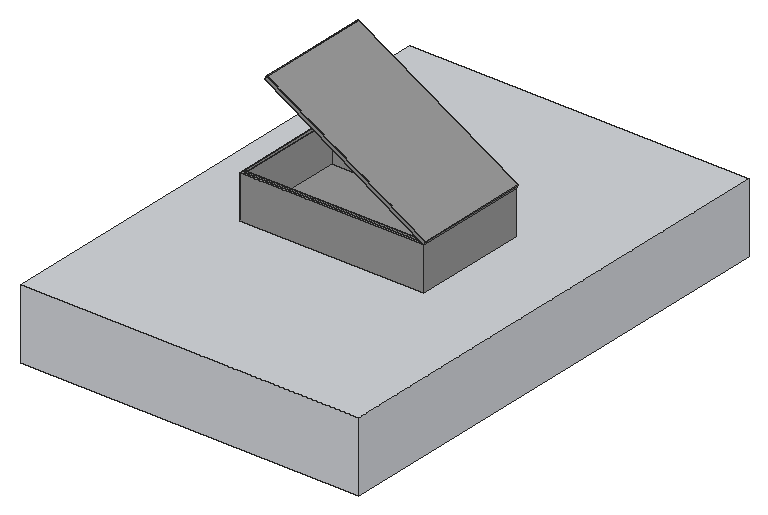
Revit family "Hager-Univers-IP54-D205-H500-Cl.I-Encl-AT-de", category Equipement électrique, Revit 2020
Family settings
  Hôte = Face
  Configuration du panneau = Deux colonnes, circuits au sein
  Cote de connecteur circulaire = Utiliser le diamètre
  Type d'élément = Tableau de raccordement
  Couper avec des vides une fois chargée = Non
  Partagée = Non
  Point de calcul de pièce = Non
Parameters (values of type "Aufputz IP54 B800 H500 T205  - FP33TW2")
  Width Control [instance] = if([EF000008 - Breite] > Min Width, [EF000008 - Breite], Min Width)  # 800 mm
  Commentaires du type = [HG000003 - Bereich]  # "Univers"
  Thickness Door [instance] = if([EF009171 - Materialstärke Tür/Deckel] > 3 mm, 3 mm, [EF009171 - Materialstärke Tür/Deckel])  # 1 mm
  Seal Frame Offset [instance] = 17 mm  # constant formula
  Plinth Visibility [instance] = [HG000027 - Sockelhöhe] > 0 mm  # no
  Model = ""
  Min Width [instance] = 100 mm  # constant formula
  Min Height [instance] = 100 mm  # constant formula
  Min Depth [instance] = (2 * [EF009170 - Materialstärke Gehäuse]) + 1 mm  # 3 mm
  Internal Frame Depth [instance] = (Door System Depth * 0.5)  # 9 mm
  Height Control [instance] = if([EF000040 - Höhe] > Min Height, [EF000040 - Höhe], Min Height)  # 500 mm
  HG000027 - Sockelhöhe = 0 mm
  HG000026 - Stehend auf dem Boden = no
  HG000024 - Höhe des unteren Teils = 800 mm
  HG000023 - Gehäuse mit doppeltem Querschnitt = no
  HG000016 - 3D-Türsichtbarkeit [instance] = yes
  HG000015 - Sichtbarkeit der Türöffnung [instance] = no
  HG000014 - Tür rechts [instance] = yes
  HG000013 - Tür links [instance] = not([HG000014 - Tür rechts])  # no
  HG000012 - Türschwenkwinkel [instance] = 30.00°
  HG000010 - Asymmetrische Türen = no
  HG000009 - Doppelflügeligen Tür = no
  HG000006 - Unterputz = no
  HG000004 - Herstellerreferenz = "FP33TW2"
  HG000003 - Bereich = "Univers"
  HG000002 - Mit tür = yes
  Frame Offset Bottom [instance] = 10 mm  # constant formula
  Frame Offset [instance] = 15 mm  # constant formula
  EF015940 - Deckel mit Überdruckentlastung = no
  EF011959 - Schutzart (NEMA) = ""
  EF009554 - Anzahl der Öffnungen für Flanschplatten = 6
  Fabricant = "Hager"  # constant formula
  EF009212 - Ausführung Deckel = "EV000116 - geschlossen"
  EF009171 - Materialstärke Tür/Deckel = 1 mm
  EF009170 - Materialstärke Gehäuse = 1 mm
  EF008873 - Nennstrom (In) = 250 A
  EF007800 - Geeignet für Blitzschutz = no
  EF006306 - Mit Schloss = no
  EF006244 - Transparenter Deckel/Tür = no
  EF005474 - Schutzart (IP) = "EV006419 - IP54"
  EF004464 - Art der Tür = "EV002646 - Einzel"
  EF004427 - Anzahl der Module = 108
  EF004293 - Schlagfestigkeit = "EV006815 - IK09"
  EF003532 - Geeignet für Außengebrauch = no
  EF002950 - Breite in Teilungseinheiten = 36
  EF001613 - Funktionserhalt = "EV000494 - ohne"
  EF001596 - Werkstoff des Gehäuses = "EV000179 - Stahl"
  EF001131 - Innentiefe = 205 mm
  EF001088 - Anbaumöglichkeit = yes
  EF000437 - Anzahl der Leitungseinführungen = 6
  EF000339 - Art der Abdeckung = "EV001012 - Deckel"
  EF000266 - Anzahl der Reihen = 3
  EF000218 - Einbautiefe = 205 mm
  EF000118 - Mit Montageplatte = no
  EF000116 - RAL-Nummer = "9010"
  EF000049 - Tiefe = 205 mm
  EF000040 - Höhe = 500 mm
  EF000008 - Breite = 800 mm
  EF000007 - Farbe = "EV000202 - weiß"
  EF000003 - Montageart = "EV000384 - Aufputz"
  Door System Leaf Tolerance [instance] = 1.5 mm  # constant formula
  Door System Depth [instance] = 18 mm  # constant formula
  Door Height [instance] = Height Control - [HG000027 - Sockelhöhe]  # 500 mm
  Depth Control [instance] = if([EF000049 - Tiefe] > Min Depth, [EF000049 - Tiefe], Min Depth)  # 205 mm
  Default Elevation = 0 mm
  Connector Offset [instance] = Height Control / 2  # 250 mm
  Bottom Top Plate Trim [instance] = 1.5 mm  # constant formula
  Plinth height Ctrl [instance] = if([HG000027 - Sockelhöhe] > 0 mm, [HG000027 - Sockelhöhe], 12 mm)  # 12 mm
Types (4, lengths in mm): name | Width Control | HG000004 - Herstellerreferenz | EF009554 - Anzahl der Öffnungen für Flanschplatten | EF004464 - Art der Tür | EF004427 - Anzahl der Module | EF002950 - Breite in Teilungseinheiten | EF000437 - Anzahl der Leitungseinführungen | EF000008 - Breite
  Aufputz IP54 B1050 H500 T205  - FP34TW2 | 1050 | "FP34TW2" | 8 | "EV003602 - Doppel" | 144 | 48 | 8 | 1050
  Aufputz IP54 B300 H500 T205  - FP31TW2 | 300 | "FP31TW2" | 2 | "EV002646 - Einzel" | 36 | 12 | 2 | 300
  Aufputz IP54 B550 H500 T205  - FP32TW2 | 550 | "FP32TW2" | 4 | "EV002646 - Einzel" | 72 | 24 | 4 | 550
  Aufputz IP54 B800 H500 T205  - FP33TW2 | 800 | "FP33TW2" | 6 | "EV002646 - Einzel" | 108 | 36 | 6 | 800
Reference planes
  plane 1 "Center (Front/Back)": y = 0
  plane 2: z = 0
  plane 3 "Center (Left/Right)": x = 0
  plane 4: z = 205
  plane 5: y = 1
  plane 6: y = 250
  plane 7: y = 0
  plane 8: y = 500
  plane 9: z = 0
  plane 10: x = -385
  plane 11: x = 385
  plane 12: x = 384
  plane 13: x = -384
  plane 14: y = 499
  plane 15: x = -383
  plane 16: x = -400
  plane 17: x = 383
  plane 18: x = 400
  plane 19: x = 399
  plane 20: x = -399
  plane 21: y = 11
  plane 22: y = 500
  plane 23: y = 484
  plane 24: z = 187
  plane 25: z = 1
  plane 26: z = 186
  plane 27: z = 204
Forms (mm)
  Extrusion 1, solid
    sketch origin (0, 0, 0) x (1, 0, 0) y (0, 1, 0)
      loop
        line (-702.964, 1305) -> (-702.964, -811.445) -> (766.763, -811.445) -> (766.763, 1305) -> (-702.964, 1305)
    from 0 to -304.8
  Extrusion 2, solid, material "Hager_Steel_RAL7035_Light_Grey", visible <- "Plinth Visibility", detail levels medium+fine
    sketch origin (0, 0, 0) x (1, 0, 0) y (0, 1, 0)
      loop
        line (-400, 0) -> (400, 0) -> (400, 12) -> (-400, 12) -> (-400, 0)
    from 0 to 187
  Extrusion 3, solid, material "Hager_Steel_RAL7035_Light_Grey", detail levels medium+fine
    sketch origin (0, 0, 0) x (1, 0, 0) y (0, 1, 0)
      loop
        line (-400, 0) -> (400, 0) -> (400, 500) -> (-400, 500) -> (-400, 0)
    from 0 to 187
  Extrusion 4, void
    sketch origin (0, 0, 0) x (1, 0, 0) y (0, 1, 0)
      loop
        line (-399, 1) -> (399, 1) -> (399, 499) -> (-399, 499) -> (-399, 1)
    from 1 to 186
  Extrusion 5, void
    sketch origin (-381.607, -4572, 187) x (0, -1, 0) y (-1, 0, 0)
      loop
        line (-4583, 2.393) -> (-5056, 2.393) -> (-5056, -765.607) -> (-4583, -765.607) -> (-4583, 2.393)
    from 0 to 1 <- "EF009170 - Materialstärke Gehäuse"
  Extrusion 6, solid, material "Hager_Steel_RAL7035_Light_Grey", detail levels fine
    sketch origin (0, 0, 187) x (1, 0, 0) y (0, 1, 0)
      loop
        line (-384, 484) -> (-384, 11) -> (384, 11) -> (384, 484) -> (-384, 484)
      loop
        line (-385, 10) -> (385, 10) -> (385, 485) -> (-385, 485) -> (-385, 10)
    from 0 to 9 <- "Internal Frame Depth"
  Extrusion 7, solid, material "Hager_Steel_RAL7035_Light_Grey", detail levels coarse
    sketch origin (0, 0, 0) x (1, 0, 0) y (0, 1, 0)
      loop
        line (-400, 0) -> (400, 0) -> (400, 500) -> (-400, 500) -> (-400, 0)
    from 0 to 205
  Sweep 8, void
    path in 3D
      loop
        line (-400, 12, 0) -> (400, 12, 0) -> (400, 12, 187) -> (-400, 12, 187) -> (-400, 12, 0)
    profile origin (-400, 12, 93.5) x (-1, 0, 0) y (0, -1, 0)
      loop
        line (0, 0) -> (0, 1.5) -> (-1.5, 1.5)
        arc (-1.5, 1.5) -> (-1.061, 0.439) -> (0, 0) r 1.5
Cuts and joins
  Extrusion 4, Extrusion 5 cuts Extrusion 3
  Sweep 8 cuts Extrusion 2
Lines and regions (mm)
  Masking region 1
    outline origin (0, 0, 0) x (1, 0, 0) y (0, 0, 1)
      loop
        line (-400, 205) -> (-400, 0) -> (400, 0) -> (400, 205) -> (-400, 205)
  Masking region 2, detail levels medium+fine
    outline origin (0, 140, 0) x (0, 1, 0) y (0, 0, 1)
      loop
        line (-140, 0) -> (360, 0) -> (360, 187) -> (-140, 187) -> (-140, 0)
  Masking region 3, not visible, detail levels medium+fine
    outline origin (0, 297.922, 0) x (0, 1, 0) y (0, 0, 1)
      loop
        line (-36.422, 0) -> (3.578, 0) -> (3.578, 194)
        arc (3.578, 194) -> (0.649, 201.071) -> (-6.422, 204) r 10
        line (-6.422, 204) -> (-36.422, 204) -> (-36.422, 0)
  Masking region 4, detail levels coarse
    outline origin (0, 0, 180) x (0, 1, 0) y (0, 0, 1)
      loop
        line (0, -180) -> (500, -180) -> (500, 25) -> (0, 25) -> (0, -180)
  Masking region 5, visible <- "Plinth Visibility", detail levels medium+fine
    outline origin (0, 52.24, 12.345) x (0, 0, -1) y (0, 1, 0)
      loop
        line (10.845, -40.24) -> (-173.155, -40.24)
        arc (-173.155, -40.24) -> (-173.594, -41.301) -> (-174.655, -41.74) r 1.5
        line (-174.655, -41.74) -> (-174.655, -52.24) -> (12.345, -52.24) -> (12.345, -41.74)
        arc (12.345, -41.74) -> (11.285, -41.301) -> (10.845, -40.24) r 1.5
  Masking region 6, detail levels medium+fine
    outline origin (-381.607, -4572, 187) x (-1, 0, 0) y (0, -1, 0)
      loop
        line (18.393, -5072) -> (18.393, -4572) -> (-781.607, -4572) -> (-781.607, -5072) -> (18.393, -5072)
  Masking region 7, visible <- "Plinth Visibility", detail levels medium+fine
    outline origin (-381.607, -4727, 187) x (-1, 0, 0) y (0, -1, 0)
      loop
        arc (16.893, -4739) -> (17.332, -4737.939) -> (18.393, -4737.5) r 1.5
        line (18.393, -4737.5) -> (18.393, -4727) -> (-781.607, -4727) -> (-781.607, -4737.5)
        arc (-781.607, -4737.5) -> (-780.546, -4737.939) -> (-780.107, -4739) r 1.5
        line (-780.107, -4739) -> (16.893, -4739)
  Masking region 8, detail levels coarse
    outline origin (-442.548, -4669.526, 187) x (-1, 0, 0) y (0, -1, 0)
      loop
        line (-42.548, -5169.526) -> (-42.548, -4669.526) -> (-842.548, -4669.526) -> (-842.548, -5169.526) -> (-42.548, -5169.526)
  sketch lines
    curve 1: line (-400, 12, 187) -> (-400, 12, 0)
    curve 2: line (400, 12, 187) -> (-400, 12, 187)
    curve 3: line (400, 12, 187) -> (400, 12, 0)
    curve 4: line (-400, 12, 0) -> (400, 12, 0)
Dimensions and locks
  "Depth Control": plane 4 to Extrusion 1
  "HG000027 - Sockelhöhe": plane 1 "Center (Front/Back)" to plane 7
  "EF009170 - Materialstärke Gehäuse": plane 5 to plane 7
  locked: connector elem to plane 3 "Center (Left/Right)"
  equal spacing: plane 8, plane 6, plane 7
  locked: connector elem to plane 6
  "EF009170 - Materialstärke Gehäuse": plane 8 to plane 14
  "EF009170 - Materialstärke Gehäuse": plane 10 to plane 13
  "EF009170 - Materialstärke Gehäuse": plane 12 to plane 11
  "Frame Offset": plane 20 to plane 13
  "Frame Offset": plane 12 to plane 19
  "EF009170 - Materialstärke Gehäuse": plane 16 to plane 20
  "EF009170 - Materialstärke Gehäuse": plane 19 to plane 18
  "Seal Frame Offset": plane 16 to plane 15
  "Seal Frame Offset": plane 17 to plane 18
  "Frame Offset Bottom": plane 21 to plane 5
  "Frame Offset": plane 14 to plane 23
  equal spacing: plane 16, plane 3 "Center (Left/Right)", plane 18
  "Width Control": plane 16 to plane 18
  "EF009170 - Materialstärke Gehäuse": plane 4 to plane 27
  "EF009170 - Materialstärke Gehäuse": plane 24 to plane 26
  "EF009170 - Materialstärke Gehäuse": plane 25 to level
  "Door System Depth": plane 4 to plane 24
  "Height Control": plane 1 "Center (Front/Back)" to Extrusion 7 sketch curve
  "Height Control": Masking region 4 sketch curve to plane 1 "Center (Front/Back)"
  "Height Control": plane 1 "Center (Front/Back)" to plane 22
  "Bottom Top Plate Trim": profile plane to Sweep 8 sketch curve
  "Bottom Top Plate Trim": Sweep 8 sketch curve to profile plane
  "Plinth height Ctrl": plane 1 "Center (Front/Back)" to Extrusion 2 sketch curve
  "Plinth height Ctrl": Masking region 5 sketch curve to plane 1 "Center (Front/Back)"
  "Plinth height Ctrl": plane 1 "Center (Front/Back)" to Masking region 7 sketch curve
  "Thickness Door": Extrusion 6 sketch curve to Extrusion 6 sketch curve  (x3)
  "Thickness Door": cut or joined group of Extrusion 3, Extrusion 4, Extrusion 5 to Extrusion 6 sketch curve
  radius of Masking region 3 sketch curve = 10 mm
  "Bottom Top Plate Trim": radius of Masking region 5 sketch curve  (x2)
  "Bottom Top Plate Trim": radius of Sweep 8 sketch curve
  "Bottom Top Plate Trim": radius of Masking region 7 sketch curve  (x2)
  aligned and locked: plane 2 to Extrusion 1
  aligned and locked: level to Extrusion 1
  aligned and locked: level to Masking region 1 sketch curve
  aligned and locked: Masking region 1 sketch curve to plane 18
  aligned and locked: Masking region 1 sketch curve to plane 16
  aligned and locked: plane 7 to Masking region 2 sketch curve
  aligned and locked: level to Masking region 3 sketch curve
  aligned and locked: Masking region 3 sketch curve to plane 27
  aligned and locked: level to Masking region 2 sketch curve
  aligned and locked: plane 1 "Center (Front/Back)" to Extrusion 2 sketch curve
  aligned and locked: Extrusion 3 sketch curve to plane 7
  aligned and locked: plane 16 to Extrusion 3 sketch curve
  aligned and locked: plane 18 to Extrusion 3 sketch curve
  aligned and locked: plane 20 to Extrusion 4 sketch curve
  aligned and locked: plane 19 to Extrusion 4 sketch curve
  aligned and locked: Extrusion 4 sketch curve to plane 5
  aligned and locked: Extrusion 4 to plane 25
  aligned and locked: plane 26 to Extrusion 4
  aligned and locked: plane 24 to Extrusion 3
  aligned and locked: Extrusion 5 sketch curve to plane 21
  aligned and locked: Extrusion 5 sketch curve to plane 13
  aligned and locked: Extrusion 5 sketch curve to plane 12
  aligned and locked: plane 18 to Extrusion 7 sketch curve
  aligned and locked: plane 1 "Center (Front/Back)" to Extrusion 7 sketch curve
  aligned and locked: plane 16 to Extrusion 7 sketch curve
  aligned and locked: plane 4 to Extrusion 7
  aligned and locked: Extrusion 7 to level
  aligned and locked: level to Masking region 4 sketch curve
  aligned and locked: Masking region 4 sketch curve to plane 1 "Center (Front/Back)"
  aligned and locked: Masking region 4 sketch curve to plane 4
  aligned and locked: nested 1 to level
  aligned and locked: nested 1 to plane 16
  aligned and locked: plane 8 to Extrusion 3 sketch curve
  aligned and locked: plane 23 to Extrusion 5 sketch curve
  aligned and locked: plane 14 to Extrusion 4 sketch curve
  aligned and locked: Masking region 2 sketch curve to plane 8
  aligned and locked: level to Masking region 5 sketch curve
  aligned and locked: plane 16 to Extrusion 2 sketch curve
  aligned and locked: plane 18 to Extrusion 2 sketch curve
  aligned and locked: Masking region 5 sketch curve to plane 24
  aligned and locked: Masking region 2 sketch curve to plane 24
  aligned and locked: plane 24 to Extrusion 2
  aligned and locked: profile plane to Sweep 8 sketch curve  (x2)
  aligned and locked: Masking region 6 sketch curve to plane 18
  aligned and locked: Masking region 6 sketch curve to plane 22
  aligned and locked: Masking region 6 sketch curve to plane 16
  aligned and locked: plane 8 to plane 22
  aligned and locked: Masking region 6 sketch curve to plane 7
  aligned and locked: Masking region 7 sketch curve to plane 16
  aligned and locked: Masking region 7 sketch curve to plane 1 "Center (Front/Back)"
  aligned and locked: Masking region 7 sketch curve to plane 18
  aligned and locked: Masking region 8 sketch curve to plane 1 "Center (Front/Back)"
  aligned and locked: Masking region 8 sketch curve to plane 18
  aligned and locked: Masking region 8 sketch curve to plane 22
  aligned and locked: Masking region 8 sketch curve to plane 16
  aligned and locked: nested 2 to plane 7
  aligned and locked: plane 3 "Center (Left/Right)" to nested 2
  aligned and locked: nested 2 to plane 24
  aligned and locked: Extrusion 6 sketch curve to cut or joined group of Extrusion 3, Extrusion 4, Extrusion 5  (x4)
Automatic sketch dimensions
  Extrusion 1 sketch curve to Extrusion 1 sketch curve = 1469.727 mm
  Extrusion 1 sketch curve to Extrusion 1 sketch curve = 2116.445 mm
  Masking region 1 sketch curve to plane 4 = 0 mm
  plane 6 to Masking region 3 sketch curve = 11.5 mm
  Masking region 3 sketch curve to Masking region 3 sketch curve = 30 mm
  Masking region 5 sketch curve to plane 1 "Center (Front/Back)" = 0 mm
Nested families
  nested 1: "Hager_Enclosure_Symbol" at (-400, 0, 0) x (1, 0, 0) z (0, -1, 0), Height <- "Depth Control", Width <- "Width Control", type "Hager_Enclosure_Symbol"
    with Width_Ctrl 800 mm, Width 800 mm, Height_Ctrl 205 mm, Height 205 mm, A_Width_Int 13.453 mm, A_Width 161.438 mm, A_Height_Ctrl 179.375 mm, A_Height 179.375 mm
  nested 2: "EC000058_Univers_Door" at (0, 0, 187) x (1, 0, 0) z (0, 1, 0), Leaf_Tolerance <- "Door System Leaf Tolerance", Angle <- "HG000012 - Türschwenkwinkel", Door_Depth <- "Door System Depth", Door_Left <- "HG000013 - Tür links", Transparent <- "EF006244 - Transparenter Deckel/Tür", Assymetrical <- "HG000010 - Asymmetrische Türen", Width <- "Width Control", Clearance <- "HG000015 - Sichtbarkeit der Türöffnung", Double <- "HG000009 - Doppelflügeligen Tür", 3d_Door <- "HG000016 - 3D-Türsichtbarkeit", Lock_Visibility <- "EF006306 - Mit Schloss", Width_Ctrl <- "Width Control", Door_Right <- "HG000014 - Tür rechts", Door <- "HG000002 - Mit tür", Height <- "Door Height", Thickness <- "Thickness Door", type "EC000058_Univers_Door", detail levels medium+fine
    with min_wh 3 mm, Width_Ctrl 800 mm, Width 800 mm, Transparent no, Thickness 1 mm, Seal_Material Hager_Rubber, Lock_Visibility no, Lock_Material Hager_Plastic_RAL9005_Jet_Black, Leaf_Width 800 mm, Leaf_Tolerance_External_Sides 0 mm, Leaf_Tolerance 1.5 mm, Leaf_Offset 0 mm, Leaf_Height 497 mm, Leaf_2_Width 800 mm, Leaf_2_Offset 400 mm, Leaf_1_Width 800 mm, Leaf_1_Offset 400 mm, Height_Ctrl 500 mm, Height 500 mm, Glass_Material Hager_Glass, Double_Clearance_Ctrl no, Double no, Door_Right_Ctrl yes, Door_Right yes, Door_Material Hager_Steel_RAL7035_Light_Grey, Door_Left_Ctrl no, Door_Left no, Door_Depth 18 mm, Door yes, Clearance_Material Hager_Clearance, Clearance_Depth 800 mm, Clearance_Ctrl no, Clearance no, Assymetrical no, Angle 30.00°, 3d_Door yes
Connectors
  electrical at (0, 250, 0)
    settings: on plane 9, index 1, voltage 0 V, apparent load 0 VA, apparent load phase1 0 VA, apparent load phase2 0 VA, apparent load phase3 0 VA, power factor 1, load classification "Other", number of poles 1, system type 30, power factor state 1, is connector primary yes, connector utility no, sub classification motor no, connector description ""
Definition of nested family "EC000058_Univers_Door"
  Parameters (values of type "EC000058_Univers_Door")
    min_wh [instance] = (2 * Thickness) + 1 mm  # 11 mm
    Width_Ctrl [instance] = 400 mm
    Width [instance] = 500 mm
    Transparent [instance] = yes
    Thickness [instance] = 5 mm
    Seal_Material [instance] = none
    Lock_Visibility [instance] = yes
    Lock_Material [instance] = none
    Leaf_Width [instance] = if((Width_Ctrl - 2 * Leaf_Tolerance_External_Sides) > 0 mm, (Width_Ctrl - 2 * Leaf_Tolerance_External_Sides), min_wh)  # 400 mm
    Leaf_Tolerance_External_Sides [instance] = 0 mm  # constant formula
    Leaf_Tolerance [instance] = 1.5 mm
    Leaf_Offset [instance] = 0 mm  # constant formula
    Leaf_Height [instance] = if((Height_Ctrl - 2 * Leaf_Tolerance) > 0 mm, (Height_Ctrl - 2 * Leaf_Tolerance), min_wh)  # 497 mm
    Leaf_2_Width [instance] = if(and(and(Double, Assymetrical), Door_Left), (Leaf_Width / 3) - (Leaf_Tolerance / 2), if(and(and(Double, Assymetrical), Door_Right), (Leaf_Width / 3) * 2 - (Leaf_Tolerance / 2), if(and(Double, not(Assymetrical)), (Leaf_Width / 2) - Leaf_Tolerance, Leaf_Width)))  # 400 mm
    Leaf_2_Offset [instance] = if(and(Double, Assymetrical), Leaf_2_Width / 2, if(and(Double, not(Assymetrical)), Leaf_Width / 4, Leaf_Width / 2))  # 200 mm
    Leaf_1_Width [instance] = if(and(and(Double, Assymetrical), Door_Right), (Leaf_Width / 3) - (Leaf_Tolerance / 2), if(and(and(Double, Assymetrical), Door_Left), (Width / 3) * 2 - (Leaf_Tolerance / 2), if(and(Double, not(Assymetrical)), (Leaf_Width / 2) - Leaf_Tolerance, Leaf_Width)))  # 400 mm
    Leaf_1_Offset [instance] = if(and(Double, Assymetrical), Leaf_1_Width / 2, if(and(Double, not(Assymetrical)), Leaf_Width / 4, Leaf_Width / 2))  # 200 mm
    Height_Ctrl [instance] = if(Height > min_wh, Height, min_wh)  # 500 mm
    Height [instance] = 500 mm
    Glass_Material [instance] = none
    Double_Clearance_Ctrl [instance] = and(Double, Clearance)  # no
    Double [instance] = no
    Door_Right_Ctrl [instance] = and(or(Door_Right, Double), Door)  # yes
    Door_Right [instance] = yes
    Door_Material [instance] = none
    Door_Left_Ctrl [instance] = and(or(Door_Left, Double), Door)  # no
    Door_Left [instance] = no
    Door_Depth [instance] = 30 mm
    Door [instance] = yes
    Default Elevation = 1219.2 mm
    Clearance_Material [instance] = none
    Clearance_Depth [instance] = if(Leaf_1_Width > Leaf_2_Width, Leaf_1_Width, Leaf_2_Width)  # 400 mm
    Clearance_Ctrl [instance] = and(not(Double), Clearance)  # yes
    Clearance [instance] = yes
    Assymetrical [instance] = yes
    Angle [instance] = 30.00°
    3d_Door [instance] = yes
  Reference planes
    plane 1 "Center (Front/Back)": y = 0
    plane 2 "Bottom": z = 0
    plane 3 "Center (Left/Right)": x = 0
    plane 4: z = 500
    plane 5: x = -200
    plane 6: x = 200
    plane 7: z = 500
    plane 8: x = -200
    plane 9: z = 0
    plane 10: x = 200
    plane 11: y = 0
    plane 12: z = 1.5
    plane 13: x = -600
    plane 14: y = -400
    plane 15: x = 600
    plane 16: x = 0
    plane 17: x = 0
    plane 18: x = -200
    plane 19: x = 200
    plane 20: z = 498.5
  Forms (mm)
    Extrusion 1, solid, material <- "Clearance_Material", visible <- "Double_Clearance_Ctrl"
      sketch origin (1200, 0, 0) x (1, 0, 0) y (0, 0, -1)
        loop
          line (-1800, -498.5) -> (-600, -498.5) -> (-600, 0) -> (-1800, 0) -> (-1800, -498.5)
      from 0 to -400
  Dimensions and locks
    equal spacing: plane 5, plane 3 "Center (Left/Right)", plane 6
    "Width_Ctrl": plane 5 to plane 6
    "Leaf_Offset": plane 5 to plane 8
    "Leaf_Offset": plane 6 to plane 10
    "Leaf_Offset": plane 9 to level
    "Leaf_Offset": plane 4 to plane 7
    "Height_Ctrl": plane 4 to level
    "Leaf_Tolerance": plane 12 to plane 9
    locked: plane 11 to plane 1 "Center (Front/Back)"
    "Leaf_1_Offset": plane 18 to plane 16
    "Leaf_2_Offset": plane 17 to plane 19
    "Leaf_1_Width": plane 13 to plane 8
    "Leaf_2_Width": plane 10 to plane 15
    "Clearance_Depth": plane 14 to plane 1 "Center (Front/Back)"
    "Leaf_Tolerance_External_Sides": plane 8 to plane 18
    "Leaf_Tolerance_External_Sides": plane 19 to plane 10
    "Leaf_Tolerance": plane 7 to plane 20
    aligned and locked: level to plane 2 "Bottom"
    aligned and locked: nested 1 to plane 16
    aligned and locked: nested 2 to plane 17
    aligned and locked: Extrusion 1 to plane 13
    aligned and locked: plane 15 to Extrusion 1
    aligned and locked: Extrusion 1 to plane 14
    aligned and locked: plane 12 to nested 1
    aligned and locked: nested 2 to plane 12
    aligned and locked: Extrusion 1 to plane 11
    aligned and locked: plane 20 to Extrusion 1
    aligned and locked: nested 2 to plane 11
    aligned and locked: nested 1 to plane 11
  Automatic sketch dimensions
    Extrusion 1 sketch curve to level = 0 mm
    plane 5 to Extrusion 1 sketch curve = 400 mm
    plane 6 to Extrusion 1 sketch curve = 400 mm
    Extrusion 1 sketch curve to plane 4 = 1.5 mm
  Nested families
    nested 1: "EC000058_Univers_Door_Leaf" at (0, 0, 1.5), Width <- "Leaf_1_Width", visible <- "Door_Left_Ctrl", Leaf_Height <- "Leaf_Height", Angle <- "Angle", 3d_Door <- "3d_Door", Transparent <- "Transparent", Clearance Material <- "Clearance_Material", Clearance <- "Clearance_Ctrl", Door_Material <- "Door_Material", Glass_Material <- "Glass_Material", Door_Depth <- "Door_Depth", Lock_Material <- "Lock_Material", Seal_Material <- "Seal_Material", Lock_Visibility <- "Lock_Visibility", Thickness <- "Thickness", type "EC000058_Univers_Door_Leaf"
      with Width 400 mm, Transparent_Glass_Offset 30 mm, Transparent_Ctrl yes, Transparent yes, Thickness 5 mm, Standard no, Seal_Material none, Seal_D2 8 mm, Seal_D1 1 mm, Offset_Internal_Frame 10 mm, Lock_Width 20 mm, Lock_Visibility_3d yes, Lock_Visibility yes, Lock_Thickness_3 3 mm, Lock_Thickness_2 1 mm, Lock_Thickness_1 3 mm, Lock_Radius_Offset_2 16 mm, Lock_Radius_Offset_1 15 mm, Lock_Radius_2 5 mm, Lock_Radius 6 mm, Lock_Offset 5 mm, Lock_Material none, Lock_Height 80 mm, Lock_Cover_Top_Offset_2d 17 mm, Lock_Cover_Height -65 mm, Leaf_Height 497 mm, Internal_Seal_Thickness 8 mm, Internal_Seal_Depth_2 4.5 mm, Internal_Frame_Depth 25 mm, Glass_Thickness -1 mm, Glass_Offset -2 mm, Glass_Material none, Door_Material none, Door_Depth 30 mm, Clearance Material none, Clearance yes, Angle_Ctrl 30.00°, Angle 30.00°, 3d_Door yes
    nested 2: "EC000058_Univers_Door_Leaf" at (0, 0, 1.5) x (-1, 0, 0) z (0, 0, 1), Width <- "Leaf_2_Width", visible <- "Door_Right_Ctrl", Leaf_Height <- "Leaf_Height", Angle <- "Angle", 3d_Door <- "3d_Door", Transparent <- "Transparent", Clearance Material <- "Clearance_Material", Clearance <- "Clearance_Ctrl", Door_Material <- "Door_Material", Glass_Material <- "Glass_Material", Door_Depth <- "Door_Depth", Lock_Material <- "Lock_Material", Seal_Material <- "Seal_Material", Lock_Visibility <- "Lock_Visibility", Thickness <- "Thickness", type "EC000058_Univers_Door_Leaf"
      with Width 400 mm, Transparent_Glass_Offset 30 mm, Transparent_Ctrl yes, Transparent yes, Thickness 5 mm, Standard no, Seal_Material none, Seal_D2 8 mm, Seal_D1 1 mm, Offset_Internal_Frame 10 mm, Lock_Width 20 mm, Lock_Visibility_3d yes, Lock_Visibility yes, Lock_Thickness_3 3 mm, Lock_Thickness_2 1 mm, Lock_Thickness_1 3 mm, Lock_Radius_Offset_2 16 mm, Lock_Radius_Offset_1 15 mm, Lock_Radius_2 5 mm, Lock_Radius 6 mm, Lock_Offset 5 mm, Lock_Material none, Lock_Height 80 mm, Lock_Cover_Top_Offset_2d 17 mm, Lock_Cover_Height -65 mm, Leaf_Height 497 mm, Internal_Seal_Thickness 8 mm, Internal_Seal_Depth_2 4.5 mm, Internal_Frame_Depth 25 mm, Glass_Thickness -1 mm, Glass_Offset -2 mm, Glass_Material none, Door_Material none, Door_Depth 30 mm, Clearance Material none, Clearance yes, Angle_Ctrl 30.00°, Angle 30.00°, 3d_Door yes
  Definition of nested family "EC000058_Univers_Door_Leaf"
    Parameters (values of type "EC000058_Univers_Door_Leaf")
      Width [instance] = 2000 mm
      Transparent_Glass_Offset [instance] = 30 mm
      Transparent_Ctrl [instance] = and(Transparent, [3d_Door])  # yes
      Transparent [instance] = yes
      Thickness [instance] = 5 mm
      Standard [instance] = and(not(Transparent), [3d_Door])  # no
      Seal_Material [instance] = none
      Seal_D2 [instance] = 8 mm  # constant formula
      Seal_D1 [instance] = 1 mm  # constant formula
      Offset_Internal_Frame [instance] = 10 mm  # constant formula
      Lock_Width [instance] = 20 mm  # constant formula
      Lock_Visibility_3d [instance] = and(Lock_Visibility, [3d_Door])  # yes
      Lock_Visibility [instance] = yes
      Lock_Thickness_3 [instance] = 3 mm  # constant formula
      Lock_Thickness_2 [instance] = 1 mm  # constant formula
      Lock_Thickness_1 [instance] = 3 mm  # constant formula
      Lock_Radius_Offset_2 [instance] = Lock_Radius_Offset_1 + 1 mm  # 16 mm
      Lock_Radius_Offset_1 [instance] = 15 mm  # constant formula
      Lock_Radius_2 [instance] = Lock_Radius - 1 mm  # 5 mm
      Lock_Radius [instance] = 6 mm  # constant formula
      Lock_Offset [instance] = 5 mm  # constant formula
      Lock_Material [instance] = none
      Lock_Height [instance] = 80 mm  # constant formula
      Lock_Cover_Top_Offset_2d [instance] = Lock_Radius_Offset_2 + 1 mm  # 17 mm
      Lock_Cover_Height [instance] = -(Lock_Height - Lock_Radius_Offset_1)  # -65 mm
      Leaf_Height [instance] = 2720.336 mm
      Internal_Seal_Thickness [instance] = 8 mm  # constant formula
      Internal_Seal_Depth_2 [instance] = 4.5 mm  # constant formula
      Internal_Frame_Depth [instance] = if(Door_Depth - Thickness > 5 mm, Door_Depth - Thickness, 5 mm)  # 25 mm
      Glass_Thickness [instance] = if(Thickness > 15 mm, Glass_Offset + 10 mm, -1 mm)  # -1 mm
      Glass_Offset [instance] = if(Thickness > 15 mm, -(Thickness + 10 mm) / 2, -2 mm)  # -2 mm
      Glass_Material [instance] = none
      Door_Material [instance] = none
      Door_Depth [instance] = 30 mm
      Default Elevation = 0 mm
      Clearance Material [instance] = none
      Clearance [instance] = yes
      Angle_Ctrl [instance] = if(Angle > 180.00°, 180.00°, Angle)  # 90.00°
      Angle [instance] = 90.00°
      3d_Door [instance] = yes
    Reference planes
      plane 1 "Center (Front/Back)": y = 0
      plane 2: z = 0
      plane 3 "Center (Left/Right)": x = 0
      plane 4: y = 2000
      plane 5: x = -1000
      plane 6: x = 1000
      plane 7: x = -3000
      plane 8: z = 2720.336
      plane 9: z = 30
      plane 10: z = 2690.336
      plane 11: x = 970
      plane 12: x = -970
      plane 13: y = -3
      plane 14: z = 107.833
      plane 15: y = -5
      plane 16: y = -223.314
      plane 17: x = -1000
      plane 18: z = 1360.168
      plane 19: y = 30
    Forms (mm)
      Extrusion 1, solid, material <- "Clearance Material", visible <- "Clearance"
        sketch origin (0, 0, 0) x (1, 0, 0) y (0, 0, 1)
          loop
            line (-3000, 2720.336) -> (-3000, 0) -> (1000, 0) -> (1000, 2720.336) -> (-3000, 2720.336)
        from 0 to -2000
      Extrusion 2, solid, material <- "Door_Material", visible <- "Standard", detail levels medium+fine
        sketch origin (-1000, 0, 0) x (0, 1, 0) y (-1, 0, 0)
          loop
            line (0, 30) -> (0, 25) -> (2000, 25) -> (2000, 30) -> (0, 30)
        from 0 to 2720.336 <- "Leaf_Height"
      Extrusion 3, solid, material <- "Door_Material", visible <- "Transparent_Ctrl", detail levels medium+fine
        sketch origin (-1000, 0, 0) x (0, 1, 0) y (-1, 0, 0)
          loop
            line (0, 25) -> (2000, 25) -> (2000, 30) -> (0, 30) -> (0, 25)
        from 0 to 2720.336 <- "Leaf_Height"
      Extrusion 4, void
        sketch origin (-1025, 2000, 0) x (0, 1, 0) y (0, 0, -1)
          loop
            line (-30, -2690.336) -> (-30, -30) -> (-1970, -30) -> (-1970, -2690.336) -> (-30, -2690.336)
        from 0 to 5 <- "Thickness"
      Sweep 5, solid, material <- "Seal_Material", visible <- "Transparent_Ctrl", detail levels fine
        path in 3D
          loop
            line (-1025, 30, 30) -> (-1025, 30, 2690.336) -> (-1025, 1970, 2690.336) -> (-1025, 1970, 30) -> (-1025, 30, 30)
        profile origin (-1025, 1000, 30) x (1, 0, 0) y (0, 0, 1)
          loop
            line (0, 0) -> (0, -8) -> (1, -8) -> (1, 0) -> (0, 0)
      Extrusion 6, solid, material <- "Glass_Material", visible <- "Transparent_Ctrl", detail levels medium+fine
        sketch origin (-1030, 0, 0) x (0, 1, 0) y (0, 0, -1)
          loop
            line (1970, -2690.336) -> (1970, -30) -> (30, -30) -> (30, -2690.336) -> (1970, -2690.336)
        from -2 <- "Glass_Offset" to -1 <- "Glass_Thickness"
      Extrusion 7, solid, material <- "Door_Material", visible <- "3d_Door", detail levels medium+fine
        sketch origin (-1025, 2000, 0) x (0, -1, 0) y (0, 0, -1)
          loop
            line (0, -2720.336) -> (2000, -2720.336) -> (2000, 0) -> (0, 0) -> (0, -2720.336)
          loop
            line (1995, -5) -> (5, -5) -> (5, -2715.336) -> (1995, -2715.336) -> (1995, -5)
        from 0 to 25 <- "Internal_Frame_Depth"
      Sweep 8, solid, material <- "Seal_Material", visible <- "Transparent_Ctrl", detail levels fine
        path in 3D
          loop
            line (-1025, 0, 0) -> (-1025, 2000, 0) -> (-1025, 2000, 2720.336) -> (-1025, 0, 2720.336) -> (-1025, 0, 0)
        profile origin (-1025, 0, 1360.168) x (1, 0, 0) y (0, 1, 0)
          loop
            line (0, 10) -> (2.975, 10)
            arc (2.975, 10) -> (4.053, 10.447) -> (4.5, 11.525) r 1.525
            line (4.5, 11.525) -> (4.5, 16.527)
            arc (4.5, 16.527) -> (4.069, 17.569) -> (3.027, 18) r 1.473
            line (3.027, 18) -> (0, 18) -> (0, 10)
      Extrusion 9, solid, material <- "Lock_Material", visible <- "Lock_Visibility_3d", detail levels fine
        sketch origin (-1030, 0, 0) x (0, 1, 0) y (0, 0, -1)
          loop
            arc (1993.5, -1400.168) -> (1994.561, -1399.729) -> (1995, -1398.668) r 1.5
            line (1995, -1398.668) -> (1995, -1320.168) -> (1975, -1320.168) -> (1975, -1398.668)
            arc (1975, -1398.668) -> (1975.439, -1399.729) -> (1976.5, -1400.168) r 1.5
            line (1976.5, -1400.168) -> (1993.5, -1400.168)
        from 3 <- "Lock_Thickness_1" to 0
      Blend 10, solid, material <- "Lock_Material", visible <- "Lock_Visibility_3d", detail levels fine
        base sketch origin (-1033, 0, 0) x (0, 1, 0) y (0, 0, -1)
          loop
            line (1975, -1320.168) -> (1975, -1398.668)
            arc (1975, -1398.668) -> (1975.439, -1399.729) -> (1976.5, -1400.168) r 1.5
            line (1976.5, -1400.168) -> (1993.5, -1400.168)
            arc (1993.5, -1400.168) -> (1994.561, -1399.729) -> (1995, -1398.668) r 1.5
            line (1995, -1398.668) -> (1995, -1320.168) -> (1975, -1320.168)
        top sketch origin (-1033, 0, 0) x (0, 1, 0) y (0, 0, -1)
          loop
            line (1976, -1320.168) -> (1976, -1398.668)
            arc (1976, -1398.668) -> (1976.146, -1399.022) -> (1976.5, -1399.168) r 0.5
            line (1976.5, -1399.168) -> (1993.5, -1399.168)
            arc (1993.5, -1399.168) -> (1993.854, -1399.022) -> (1994, -1398.668) r 0.5
            line (1994, -1398.668) -> (1994, -1320.168) -> (1976, -1320.168)
        from 0 to 1 <- "Lock_Thickness_2"
      Blend 11, solid, material <- "Lock_Material", visible <- "Lock_Visibility_3d", detail levels fine
        base sketch origin (-1034, 0, 0) x (0, 1, 0) y (0, 0, -1)
          loop
            line (1978, -1320.168) -> (1978, -1384.168)
            arc (1978, -1384.168) -> (1985, -1391.168) -> (1992, -1384.168) r 7
            line (1992, -1384.168) -> (1992, -1320.168) -> (1978, -1320.168)
        top sketch origin (-1034, 0, 0) x (0, 1, 0) y (0, 0, -1)
          loop
            line (1991, -1320.168) -> (1979, -1320.168) -> (1979, -1383.168)
            arc (1979, -1383.168) -> (1985, -1389.168) -> (1991, -1383.168) r 6
            line (1991, -1383.168) -> (1991, -1320.168)
        from 0 to 3 <- "Lock_Thickness_3"
      Extrusion 12, solid, material <- "Lock_Material", visible <- "Lock_Visibility_3d", detail levels fine
        sketch origin (-1030, 1975, 1320.168) x (1, 0, 0) y (0, -1, 0)
          loop
            line (-7, -19) -> (-7, -1) -> (0, -1) -> (0, 0) -> (-8, 0) -> (-8, -20) -> (0, -20) -> (0, -19) -> (-7, -19)
        from 0 to -65 <- "Lock_Cover_Height"
      Extrusion 13, void
        sketch origin (-1038, 1995, 1320.168) x (-1, 0, 0) y (0, 0, -1)
          loop
            line (-5, -65) -> (0, -65) -> (-5, -60) -> (-5, -65)
        from 0 to 20 <- "Lock_Width"
      Extrusion 14, void
        sketch origin (-1038, 1975, 1320.168) x (0, -1, 0) y (0, 0, -1)
          loop
            circle (-10, -15.995) r 6
          loop
            circle (-10, -15.995) r 5
        from 0 to 2
      Extrusion 15, solid, material <- "Lock_Material", visible <- "Lock_Visibility_3d", detail levels medium
        sketch origin (-1030, 0, 0) x (0, 1, 0) y (0, 0, -1)
          loop
            arc (1993.5, -1400.168) -> (1994.561, -1399.729) -> (1995, -1398.668) r 1.5
            line (1995, -1398.668) -> (1995, -1320.168) -> (1975, -1320.168) -> (1975, -1398.668)
            arc (1975, -1398.668) -> (1975.439, -1399.729) -> (1976.5, -1400.168) r 1.5
            line (1976.5, -1400.168) -> (1993.5, -1400.168)
        from 8 to 0
    Cuts and joins
      Extrusion 4 cuts Extrusion 3
      Extrusion 13, Extrusion 14 cuts Extrusion 9
      Extrusion 14 cuts Blend 11
      Extrusion 13, Extrusion 14 cuts Extrusion 12
      joined: Extrusion 9, Blend 10, Blend 11, Extrusion 12
      Extrusion 14 cuts Extrusion 15
    Lines and regions (mm)
      Masking region 1, visible <- "Lock_Visibility", detail levels fine
        outline origin (0, 0, 0) x (0, 1, 0) y (0, 0, 1)
          loop
            line (30, 1320.168) -> (33, 1320.168) -> (33, 1400.168) -> (30, 1400.168) -> (30, 1320.168)
      Masking region 2, visible <- "Lock_Visibility", detail levels fine
        outline origin (0, 3.143, 0) x (0, 1, 0) y (0, 0, 1)
          loop
            line (29.857, 1354.168) -> (30.857, 1354.168) -> (30.857, 1366.168) -> (29.857, 1366.168) -> (29.857, 1354.168)
      Masking region 3, detail levels medium+fine
        outline origin (0, 0, 0) x (0, 1, 0) y (0, 0, 1)
          loop
            line (0, 0) -> (30, 0) -> (30, 2720.336) -> (0, 2720.336) -> (0, 0)
      Masking region 4, detail levels medium+fine
        outline origin (0, 0, 0) x (1, 0, 0) y (0, 0, 1)
          loop
            line (-1000, 2720.336) -> (-1000, 0) -> (1000, 0) -> (1000, 2720.336) -> (-1000, 2720.336)
      Masking region 5, visible <- "Lock_Visibility", detail levels fine
        outline origin (-47.116, 0, 0) x (1, 0, 0) y (0, 0, 1)
          loop
            arc (1024.616, 1399.168) -> (1023.556, 1398.729) -> (1023.116, 1397.668) r 1.5
            line (1023.116, 1397.668) -> (1023.116, 1320.168) -> (1041.116, 1320.168) -> (1041.116, 1397.668)
            arc (1041.116, 1397.668) -> (1040.677, 1398.729) -> (1039.616, 1399.168) r 1.5
            line (1039.616, 1399.168) -> (1024.616, 1399.168)
      Masking region 6, visible <- "Lock_Visibility", detail levels medium+fine
        outline origin (-25, 0, 0) x (1, 0, 0) y (0, 0, 1)
          loop
            arc (1001.5, 1400.168) -> (1000.439, 1399.729) -> (1000, 1398.668) r 1.5
            line (1000, 1398.668) -> (1000, 1320.168) -> (1020, 1320.168) -> (1020, 1398.668)
            arc (1020, 1398.668) -> (1019.561, 1399.729) -> (1018.5, 1400.168) r 1.5
            line (1018.5, 1400.168) -> (1001.5, 1400.168)
      Masking region 7, visible <- "Lock_Visibility", detail levels fine
        outline origin (-73.735, 0, 0) x (1, 0, 0) y (0, 0, 1)
          loop
            line (1051.735, 1382.168) -> (1065.735, 1382.168) -> (1065.735, 1384.168)
            arc (1065.735, 1384.168) -> (1058.735, 1391.168) -> (1051.735, 1384.168) r 7
            line (1051.735, 1384.168) -> (1051.735, 1382.168)
      Masking region 8, visible <- "Lock_Visibility", detail levels fine
        outline origin (-73.735, 0, 0) x (1, 0, 0) y (0, 0, 1)
          loop
            line (1052.735, 1382.168) -> (1064.735, 1382.168) -> (1064.735, 1383.168)
            arc (1064.735, 1383.168) -> (1058.735, 1389.168) -> (1052.735, 1383.168) r 6
            line (1052.735, 1383.168) -> (1052.735, 1382.168)
      Masking region 9, visible <- "Lock_Visibility", detail levels fine
        outline origin (-25, 0, 0) x (1, 0, 0) y (0, 0, 1)
          loop
            line (1020, 1320.168) -> (1020, 1382.168) -> (1000, 1382.168) -> (1000, 1320.168) -> (1020, 1320.168)
      Masking region 10, detail levels medium+fine
        outline origin (0, 0, 0) x (1, 0, 0) y (0, 0, 1)
          loop
            circle (985, 1335.144) r 6
      Masking region 11, detail levels fine
        outline origin (0, 0, 0) x (1, 0, 0) y (0, 0, 1)
          loop
            circle (985, 1335.144) r 5
      Masking region 12, visible <- "Lock_Visibility", detail levels fine
        outline origin (0, 12.767, 0) x (0, 1, 0) y (0, 0, 1)
          loop
            line (20.233, 1320.168) -> (21.233, 1320.168) -> (21.233, 1399.168) -> (20.233, 1400.168) -> (20.233, 1320.168)
      Masking region 13, visible <- "Lock_Visibility", detail levels fine
        outline origin (0, 13.767, -10) x (0, 1, 0) y (0, 0, 1)
          loop
            line (20.233, 1330.168) -> (23.233, 1330.168) -> (23.233, 1399.168) -> (20.233, 1402.168) -> (20.233, 1330.168)
      Masking region 14, visible <- "Lock_Visibility", detail levels fine
        outline origin (0, 12.767, -10) x (0, 1, 0) y (0, 0, 1)
          loop
            line (20.233, 1330.168) -> (25.233, 1330.168) -> (25.233, 1399.305) -> (20.233, 1394.305) -> (20.233, 1330.168)
      Masking region 15, visible <- "Lock_Visibility", detail levels medium
        outline origin (0, 0, 0) x (0, 1, 0) y (0, 0, 1)
          loop
            line (30, 1320.168) -> (38, 1320.168) -> (38, 1400.168) -> (30, 1400.168) -> (30, 1320.168)
      Masking region 16, visible <- "Lock_Visibility", detail levels fine
        outline origin (-1000, 0, 0) x (0, 1, 0) y (-1, 0, 0)
          loop
            line (1975, 30) -> (1995, 30) -> (1995, 38) -> (1975, 38) -> (1975, 30)
          loop
            line (1979, 37) -> (1976, 37) -> (1976, 34) -> (1978, 34) -> (1979, 37)
          loop
            line (1994, 37) -> (1991, 37) -> (1992, 34) -> (1994, 34) -> (1994, 37)
      Masking region 17, visible <- "Lock_Visibility", detail levels medium
        outline origin (-1000, 0, 0) x (0, 1, 0) y (-1, 0, 0)
          loop
            line (1975, 30) -> (1995, 30) -> (1995, 38) -> (1975, 38) -> (1975, 30)
      symbolic lines
        curve 1: line (1000, 0, 0) -> (-3000, 0, 0)
        curve 2: arc (1000, 0, 0) -> (-1000, 2000, 0) -> (-3000, 0, 0) r 2000
        curve 4: line (-1030, 0, 0) -> (-1030, 2000, 0)
      reference lines
        curve 3: line (-1000, 0, 0) -> (-1000, 2000, 0)
      symbolic lines, detail levels medium+fine
        curve 5: line (-1030, 2000, 0) -> (-1025, 2000, 0)
        curve 7: line (-1025, 0, 0) -> (-1030, 0, 0)
        curve 8: line (-1025, 0, 0) -> (-1000, 0, 0)
        curve 9: line (-1000, 0, 0) -> (-1000, 2000, 0)
        curve 10: line (-1000, 2000, 0) -> (-1025, 2000, 0)
      symbolic lines, detail levels fine
        curve 6: line (-1025, 2000, 0) -> (-1025, 0, 0)
      sketch lines
        curve 11: line (-1025, 0, 2720.336) -> (-1025, 0, 0)
        curve 12: line (-1025, 2000, 0) -> (-1025, 0, 0)
        curve 13: line (-1025, 2000, 2720.336) -> (-1025, 2000, 0)
        curve 14: line (-1025, 0, 2720.336) -> (-1025, 2000, 2720.336)
        curve 15: line (-1025, 1970, 30) -> (-1025, 30, 30)
        curve 16: line (-1025, 30, 30) -> (-1025, 30, 2690.336)
        curve 17: line (-1025, 1970, 2690.336) -> (-1025, 1970, 30)
        curve 18: line (-1025, 30, 2690.336) -> (-1025, 1970, 2690.336)
      symbolic lines, visible <- "Transparent", detail levels medium+fine
        curve 19: line (-970, 0, 2690.336) -> (970, 0, 2690.336)
        curve 20: line (-970, 0, 30) -> (-970, 0, 2690.336)
        curve 21: line (970, 0, 30) -> (-970, 0, 30)
        curve 22: line (970, 0, 2690.336) -> (970, 0, 30)
    Dimensions and locks
      "Width": plane 1 "Center (Front/Back)" to plane 4
      equal spacing: plane 5, plane 3 "Center (Left/Right)", plane 6
      "Width": plane 5 to plane 6
      "Width": plane 7 to plane 5
      "Leaf_Height": plane 8 to level
      "Width": curve 5 to curve 3
      "Width": curve 3 to curve 3
      plane 8 to plane 10 = 30 mm
      plane 9 to level = 30 mm
      plane 12 to plane 5 = 30 mm
      plane 6 to plane 11 = 30 mm
      Extrusion 1 to Extrusion 4 sketch curve = 30 mm
      "Transparent_Glass_Offset": curve 3 to Extrusion 4 sketch curve
      "Transparent_Glass_Offset": Extrusion 4 sketch curve to cut or joined group of Extrusion 3, Extrusion 4  (x2)
      cut or joined group of Extrusion 3, Extrusion 4 to Extrusion 6 sketch curve = 30 mm
      "Transparent_Glass_Offset": cut or joined group of Extrusion 3, Extrusion 4 to Extrusion 4 sketch curve
      "Thickness": curve 6 to curve 4
      "Thickness": Extrusion 7 sketch curve to Extrusion 7 sketch curve  (x4)
      "Door_Depth": curve 4 to curve 3
      "Offset_Internal_Frame": profile plane to Sweep 8 sketch curve
      "Internal_Seal_Thickness": Sweep 8 sketch curve to Sweep 8 sketch curve
      "Internal_Seal_Depth_2": profile plane to Sweep 8 sketch curve
      "Seal_D1": profile plane to Sweep 5 sketch curve
      "Seal_D2": profile plane to Sweep 5 sketch curve
      "Thickness": Extrusion 2 sketch curve to Extrusion 2 sketch curve
      equal spacing: Extrusion 9 sketch curve, plane 18, Extrusion 9 sketch curve  (x2)
      equal spacing: Masking region 1 sketch curve, plane 18, Masking region 1 sketch curve
      "Lock_Height": Masking region 1 sketch curve to Masking region 1 sketch curve
      "Lock_Radius": Masking region 2 sketch curve to plane 18 to Masking region 2 sketch curve
      Masking region 2 sketch curve to Masking region 1 = 1 mm
      "Door_Depth": plane 19 to plane 1 "Center (Front/Back)"
      "Lock_Thickness_1": Masking region 1 sketch curve to plane 19
      "Lock_Width": Extrusion 9 sketch curve to Extrusion 9 sketch curve
      "Lock_Height": Extrusion 9 sketch curve to Extrusion 9 sketch curve
      "Lock_Offset": cut or joined group of Extrusion 3, Extrusion 4 to Extrusion 9 sketch curve
      equal spacing: plane 8, plane 18, level
      "Lock_Radius_Offset_1": Blend 11 sketch curve to Blend 10
      locked: Blend 10 to Blend 11 sketch curve at 2  (x2)
      locked: var sketch to Blend 11 sketch curve at 1  (x2)
      "Lock_Radius_Offset_2": Blend 11 sketch curve to Blend 10
      locked: Extrusion 12 sketch curve to Extrusion 12 sketch curve at 1  (x3)
      Masking region 6 sketch curve to Masking region 6 sketch curve = 80 mm
      "Lock_Height": Masking region 6 sketch curve to Masking region 6 sketch curve
      "Lock_Width": Masking region 6 sketch curve to Masking region 6 sketch curve
      locked: Masking region 6 to Masking region 5 sketch curve at 1  (x3)
      locked: Masking region 5 to Masking region 7 sketch curve at 2  (x2)
      "Lock_Radius_Offset_1": Masking region 5 to Masking region 7 sketch curve
      "Lock_Radius_Offset_2": Masking region 5 to Masking region 8 sketch curve
      locked: Masking region 7 to Masking region 8 sketch curve at 1  (x2)
      "Lock_Cover_Top_Offset_2d": Masking region 5 to Masking region 9 sketch curve
      equal spacing: Masking region 9, Masking region 10 sketch curve, Masking region 9
      equal spacing: Masking region 9, Masking region 11 sketch curve, Masking region 9
      Extrusion 15 sketch curve to Extrusion 15 sketch curve = 80 mm
      "Lock_Width": Extrusion 15 sketch curve to Extrusion 15 sketch curve
      "Lock_Height": Extrusion 15 sketch curve to Extrusion 15 sketch curve
      equal spacing: Extrusion 15 sketch curve, plane 18, Extrusion 15 sketch curve
      "Lock_Thickness_3": Masking region 13 sketch curve to Masking region 13 sketch curve
      "Lock_Height": Masking region 12 sketch curve to Masking region 12 sketch curve
      locked: Masking region 13 sketch curve to Masking region 1 at 8
      locked: Masking region 14 sketch curve to Masking region 13 at 1
      locked: Masking region 14 sketch curve to Masking region 1 at 10.863
      "Lock_Height": Masking region 15 sketch curve to Masking region 15 sketch curve
      "Lock_Offset": Extrusion 15 sketch curve to cut or joined group of Extrusion 3, Extrusion 4
      "Lock_Offset": plane 6 to Masking region 6 sketch curve
      radius of Sweep 8 sketch curve = 1.525 mm
      radius of Sweep 8 sketch curve = 1.473 mm
      radius of Extrusion 9 sketch curve = 1.5 mm  (x2)
      "Lock_Radius": radius of Extrusion 14 sketch curve
      "Lock_Radius_2": radius of Extrusion 14 sketch curve
      "Lock_Radius": radius of Masking region 10 sketch curve
      "Lock_Radius_2": radius of Masking region 11 sketch curve
      radius of Extrusion 15 sketch curve = 1.5 mm  (x2)
      "Angle_Ctrl": angle plane 1 "Center (Front/Back)" to curve 3
      locked: Masking region 12 sketch curve to Masking region 12 sketch curve (angle 45.00°)
      locked: Masking region 13 sketch curve to Masking region 13 sketch curve (angle 45.00°)
      locked: Masking region 14 sketch curve to Masking region 14 sketch curve (angle 45.00°)
      aligned and locked: level to plane 2
      aligned and locked: Extrusion 1 to curve 1
      aligned and locked: plane 6 to Extrusion 1
      aligned and locked: Extrusion 1 to plane 1 "Center (Front/Back)"
      aligned and locked: plane 4 to Extrusion 1
      aligned and locked: plane 8 to Extrusion 1
      aligned and locked: curve 7 to Extrusion 2 sketch curve
      aligned and locked: curve 5 to Extrusion 2 sketch curve
      aligned and locked: curve 7 to Extrusion 3 sketch curve
      aligned and locked: Extrusion 3 sketch curve to curve 4
      aligned and locked: Extrusion 3 sketch curve to curve 6
      aligned and locked: Extrusion 3 sketch curve to curve 5
      aligned and locked: curve 9 to curve 3
      aligned and locked: Extrusion 7 sketch curve to cut or joined group of Extrusion 3, Extrusion 4  (x4)
      aligned and locked: plane 17 to curve 3
      aligned and locked: plane 1 "Center (Front/Back)" to curve 3
      aligned and locked: plane 17 to plane 5
      aligned and locked: Sweep 8 sketch curve to profile plane
      aligned and locked: Sweep 5 sketch curve to profile plane  (x2)
      aligned and locked: Masking region 1 to Masking region 2 sketch curve
      aligned and locked: plane 19 to Masking region 1 sketch curve
      aligned and locked: plane 1 "Center (Front/Back)" to Masking region 3 sketch curve
      aligned and locked: plane 19 to Masking region 3 sketch curve
      aligned and locked: level to Masking region 3 sketch curve
      aligned and locked: Masking region 3 sketch curve to plane 8
      aligned and locked: plane 17 to Masking region 4 sketch curve
      aligned and locked: level to Masking region 4 sketch curve
      aligned and locked: Masking region 4 sketch curve to plane 8
      aligned and locked: plane 12 to curve 20
      aligned and locked: plane 10 to curve 19
      aligned and locked: plane 11 to curve 22
      aligned and locked: curve 21 to plane 9
      aligned and locked: Extrusion 2 sketch curve to cut or joined group of Extrusion 3, Extrusion 4
      aligned and locked: Blend 10 sketch curve to Extrusion 9  (x4)
      aligned and locked: Extrusion 9 to Blend 10 sketch curve
      aligned and locked: Blend 10 to Blend 11 sketch curve
      aligned and locked: Extrusion 12 sketch curve to Blend 11
      aligned and locked: Extrusion 12 sketch curve to Extrusion 9  (x4)
      aligned and locked: Masking region 5 sketch curve to Masking region 6
      aligned and locked: Masking region 9 sketch curve to Masking region 6  (x3)
      aligned and locked: Masking region 12 sketch curve to Masking region 1
      aligned and locked: Masking region 13 sketch curve to Masking region 1
      aligned and locked: Masking region 12 to Masking region 14
      aligned and locked: Masking region 14 sketch curve to Masking region 1
      aligned and locked: Masking region 15 sketch curve to Masking region 14
      aligned and locked: Masking region 13 sketch curve to Masking region 12
      aligned and locked: Masking region 16 sketch curve to cut or joined group of Extrusion 14, Extrusion 15  (x4)
      aligned and locked: Masking region 16 sketch curve to cut or joined group of Extrusion 9, Blend 10, Blend 11, Extrusion 12, Extrusion 13, Extrusion 14  (x6)
      aligned and locked: cut or joined group of Extrusion 9, Blend 10, Blend 11, Extrusion 12, Extrusion 13, Extrusion 14 to Masking region 16 sketch curve
      aligned and locked: Masking region 17 sketch curve to cut or joined group of Extrusion 14, Extrusion 15  (x3)
      aligned and locked: Masking region 17 sketch curve to cut or joined group of Extrusion 9, Blend 10, Blend 11, Extrusion 12, Extrusion 13, Extrusion 14
      aligned and locked: Masking region 9 to Masking region 8 sketch curve
      aligned and locked: Masking region 9 to Masking region 7 sketch curve
    Automatic sketch dimensions
      plane 1 "Center (Front/Back)" to curve 2 = 0 mm
      curve 2 to plane 5 = 0 mm
      Extrusion 1 sketch curve to level = 0 mm
      Extrusion 1 sketch curve to plane 7 = 0 mm
      Extrusion 1 sketch curve to plane 6 = 0 mm
      Extrusion 1 sketch curve to plane 8 = 0 mm
      Extrusion 3 to Extrusion 6 sketch curve = 30 mm  (x4)
      Masking region 4 sketch curve to plane 6 = 0 mm
      Blend 10 sketch curve to Extrusion 9 = 1.5 mm
      Blend 10 sketch curve to Extrusion 9 = 1 mm
      Extrusion 13 sketch curve to Extrusion 12 = 0 mm  (x2)
      Extrusion 12 to Extrusion 13 sketch curve = 3 mm
      Extrusion 13 sketch curve to Extrusion 12 = 5 mm
      Extrusion 14 sketch curve to Extrusion 14 sketch curve = 0 mm  (x2)
      Extrusion 14 sketch curve to Extrusion 12 = 10 mm
      Extrusion 14 sketch curve to Extrusion 12 = 15.995 mm
      Masking region 5 sketch curve to Masking region 5 sketch curve = 1.5 mm  (x2)
      Masking region 10 sketch curve to plane 18 = 25.024 mm
      Masking region 11 sketch curve to plane 18 = 25.024 mm
      plane 19 to Masking region 14 sketch curve = 3 mm
      Masking region 16 sketch curve to Masking region 16 sketch curve = 3 mm
      curve 4 to curve 3 = 0 mm
      Blend 10 to Blend 11 sketch curve = 0 mm
      Masking region 6 sketch curve to Masking region 6 sketch curve = 1.5 mm  (x2)
      Masking region 6 sketch curve to plane 18 = 40 mm
      plane 19 to Masking region 12 sketch curve = 3 mm
      Masking region 12 sketch curve to Masking region 12 sketch curve = 1 mm
      Masking region 15 sketch curve to plane 19 = 0 mm
      Masking region 15 sketch curve to plane 18 = 40 mm
      radius of Blend 10 sketch curve to Extrusion 9 = 1 mm
Definition of nested family "Hager_Enclosure_Symbol"
  Parameters (values of type "Hager_Enclosure_Symbol")
    Width_Ctrl [instance] = if(Width > 1 mm, Width, 1 mm)  # 102.27 mm
    Width [instance] = 102.27 mm
    Height_Ctrl [instance] = if(Height > 1 mm, Height, 1 mm)  # 66.5 mm
    A_Width_Int [instance] = if(A_Width / 12 > 2 mm, A_Width / 12, 2 mm)  # 4.364 mm
    A_Width [instance] = if(A_Height_Ctrl * 0.9 > 2 mm, A_Height_Ctrl * 0.9, 2 mm)  # 52.369 mm
    A_Height_Ctrl [instance] = if(A_Height > 2 mm, A_Height, 2 mm)  # 58.188 mm
    Height [instance] = 66.5 mm
    A_Height [instance] = Height - (Height / 8)  # 58.188 mm
  Reference planes
    plane 1 "Centre (avant/arrière)": y = 0
    plane 2: z = 0
    plane 3 "Centre (gauche/droite)": x = 0
    plane 4: x = 52.369
    plane 5: y = 33.042
    plane 6: y = 41.77
    plane 7: y = 66.5
    plane 8: x = 26.184
    plane 9: y = 37.406
    plane 10: x = 102.27
    plane 11: y = 66.5
    plane 12: y = 8.313
  Lines and regions (mm)
    Filled region 1, type "Solid_Black", in view "Niveau de réf."
      outline origin (0, 0, 0) x (1, 0, 0) y (0, 1, 0)
        loop
          line (52.369, 66.5) -> (33.188, 54.536) -> (45.365, 45.006) -> (52.369, 66.5)
    Filled region 2, type "Solid_Black", in view "Niveau de réf."
      outline origin (0, 0, 0) x (1, 0, 0) y (0, 1, 0)
        loop
          line (0, 0) -> (102.27, 0) -> (102.27, 66.5) -> (0, 0)
    detail lines, in view "Niveau de réf."
      curve 1: line (0, 8.313, 0) -> (26.184, 41.77, 0)
      curve 2: line (26.184, 41.77, 0) -> (26.184, 33.042, 0)
      curve 3: line (26.184, 33.042, 0) -> (52.369, 66.5, 0)
  Dimensions and locks
    "A_Width": plane 3 "Centre (gauche/droite)" to plane 4
    equal spacing: plane 3 "Centre (gauche/droite)", plane 8, plane 4
    equal spacing: plane 6, plane 9, plane 5
    equal spacing: curve 3, Filled region 1 sketch curve, Filled region 1 sketch curve
    "Height_Ctrl": plane 1 "Centre (avant/arrière)" to plane 11
    "A_Height_Ctrl": plane 11 to plane 12
    equal spacing: plane 11, plane 9, plane 12
    "A_Width_Int": plane 6 to plane 9
    "Width_Ctrl": plane 3 "Centre (gauche/droite)" to plane 10
    angle Filled region 1 sketch curve to curve 3 = 20.00°
    angle curve 3 to Filled region 1 sketch curve = 20.00°
    locked: curve 3 to Filled region 1 sketch curve (angle 90.00°)
    aligned and locked: plane 10 to Filled region 2
    aligned and locked: plane 11 to Filled region 2 sketch curve
    aligned and locked: plane 10 to Filled region 2 sketch curve
    aligned and locked: plane 3 "Centre (gauche/droite)" to curve 1
    aligned and locked: plane 12 to curve 1
    aligned and locked: plane 7 to plane 11
  Automatic sketch dimensions
    Filled region 1 sketch curve to plane 4 = 0 mm
    Filled region 1 sketch curve to plane 7 = 0 mm
    plane 1 "Centre (avant/arrière)" to Filled region 2 sketch curve = 0 mm
    Filled region 2 sketch curve to plane 3 "Centre (gauche/droite)" = 0 mm
    curve 2 to plane 6 = 0 mm
    curve 2 to plane 8 = 0 mm
    curve 3 to plane 4 = 0 mm
    curve 2 to plane 5 = 0 mm
    curve 3 to plane 7 = 0 mm
